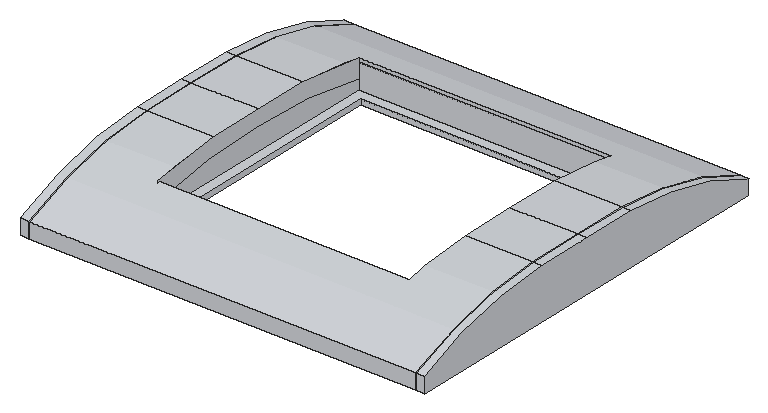
Revit family "Gira_1002395", category Electrical Fixtures, host Face, Revit 2017
Family settings
  Host = Face
  Maintain Annotation Orientation = No
  Round Connector Dimension = Use Diameter
  Part Type = Normal
  Cut with Voids When Loaded = No
  Shared = No
  Room Calculation Point = No
Parameters (values of type "Abdeckrahmen 2f o.M. Zwischenr. RW Gira Event Opak Mint")
  Werkstoffgüte = "Thermoplast"
  Werkstoff = "Kunststoff"
  URL = "http://katalog.gira.de/de_DE/datenblatt.html?artikelnr=1002395"
  Transparent = "No"
  Textfeld/Beschriftungsfläche = "No"
  Schutzart (IP) = "IP20"
  Region = "DE"
  Oberfläche = "sonstige"
  Name = "Abdeckrahmen 2f o.M. Zwischenr. RW Gira Event Opak Mint"
  Montagerichtung = "horizontal und vertikal"
  Mit Montagerahmen = "No"
  Mit Klappdeckel = "No"
  Manufacturer URL = "https://www.gira.de/"
  Keynote = "Event_Rahmen_2fach o.Mittelsteg"
  HeinzeBIM = "https://bimportal.heinze.de/bim/abdeckrahmen-2f-o-m-zwischenr-rw-gira-event-opak-mint/4918ad8bd0289ceab79f9a53f4356202b9222b1c"
  Halogenfrei = "Yes"
  HAN = "1002395"
  Geeignet für Unterputz-Installation = "Yes"
  Geeignet für Unterflurkanaldose = "No"
  Geeignet für Geräteeinbaukanal = "No"
  Geeignet für Einbauinstallation = "No"
  GTIN = "4010337074496"
  Farbe = "sonstige"
  Default Elevation = 1219.2 mm
  Data sheet (1) = "https://katalog.gira.de/de_DE/download.html?artikelnr=1002395"
  Category = "Abdeckrahmen"
  Befestigungsart = "Klemmbefestigung"
  Available = "Yes"
  Anzahl der Einheiten vertikal = "2 "
  Anzahl der Einheiten horizontal = "2 "
  Anzahl der Einheiten = "2 "
Reference planes
  plane 1 "Center (Front/Back)": y = 0
  plane 2: z = 0
  plane 3 "Center (Left/Right)": x = 0
Forms (mm)
  Extrusion 1, solid, detail levels fine
    sketch origin (0, 0, 1.55) x (0, 1, 0) y (0, 0, 1)
      loop
        arc (12.445, 9.683) -> (6.223, 9.833) -> (0, 9.85) r 291.636
        arc (0, 9.85) -> (-6.223, 9.833) -> (-12.445, 9.683) r 291.636
        arc (-12.445, 9.683) -> (-29.14, 7.482) -> (-45, 1.823) r 79.728
        line (-45, 1.823) -> (-45, -1.55) -> (-41.777, -1.55) -> (-41.777, -0.55)
        arc (-41.777, -0.55) -> (-21.205, 4.846) -> (0, 6.467) r 118.15
        arc (0, 6.467) -> (21.205, 4.846) -> (41.777, -0.55) r 118.15
        line (41.777, -0.55) -> (41.777, -1.55) -> (45, -1.55) -> (45, 1.823)
        arc (45, 1.823) -> (29.14, 7.482) -> (12.445, 9.683) r 79.728
    from -43 to 43
  Extrusion 2, void, detail levels fine
    sketch origin (0, 0, 0) x (1, 0, 0) y (0, 1, 0)
      loop
        line (-28, -28) -> (28, -28) -> (28, 28) -> (-28, 28) -> (-28, -28)
    from 2.85 to 12
  Extrusion 3, solid, detail levels coarse
    sketch origin (0, 0, 0) x (1, 0, 0) y (0, 1, 0)
      loop
        line (-45, 45) -> (-45, -45) -> (45, -45) -> (45, 45) -> (-45, 45)
    from 0 to 11.4
  Extrusion 4, solid, detail levels medium
    sketch origin (0, 0, 1.55) x (0, 1, 0) y (0, 0, 1)
      loop
        arc (12.445, 9.683) -> (6.223, 9.833) -> (0, 9.85) r 291.636
        arc (0, 9.85) -> (-6.223, 9.833) -> (-12.445, 9.683) r 291.636
        arc (-12.445, 9.683) -> (-29.14, 7.482) -> (-45, 1.823) r 79.728
        line (-45, 1.823) -> (-45, -1.55) -> (45, -1.55) -> (45, 1.823)
        arc (45, 1.823) -> (29.14, 7.482) -> (12.445, 9.683) r 79.728
    from -45 to 45
  Extrusion 5, solid, detail levels fine
    sketch origin (0, 0, 0) x (0, 1, 0) y (0, 0, 1)
      loop
        arc (45, 3.373) -> (29.14, 9.032) -> (12.445, 11.233) r 79.728
        arc (12.445, 11.233) -> (6.223, 11.383) -> (0, 11.4) r 291.636
        arc (0, 11.4) -> (-6.223, 11.383) -> (-12.445, 11.233) r 291.636
        arc (-12.445, 11.233) -> (-29.14, 9.032) -> (-45, 3.373) r 79.728
        line (-45, 3.373) -> (-45, 0) -> (45, 0) -> (45, 3.373)
    from 43 to 45
  Extrusion 6, solid, detail levels fine
    sketch origin (0, 0, 0) x (0, 1, 0) y (0, 0, -1)
      loop
        line (45, -3.373) -> (45, 0) -> (-45, 0) -> (-45, -3.373)
        arc (-45, -3.373) -> (-29.14, -9.032) -> (-12.445, -11.233) r 79.728
        arc (-12.445, -11.233) -> (-6.223, -11.383) -> (0, -11.4) r 291.636
        arc (0, -11.4) -> (6.223, -11.383) -> (12.445, -11.233) r 291.636
        arc (12.445, -11.233) -> (29.14, -9.032) -> (45, -3.373) r 79.728
    from 43 to 45
  Extrusion 7, solid, detail levels fine
    sketch origin (0, 0, 0) x (1, 0, 0) y (0, 1, 0)
      loop
        line (-25.7, 25.7) -> (-25.7, -25.7) -> (25.7, -25.7) -> (25.7, 25.7) -> (-25.7, 25.7)
      loop
        line (-29.495, 27.895) -> (-29.495, -27.895)
        spline (-29.495, -27.895) -> (-29.486, -28.025) -> (-29.461, -28.154) -> (-29.419, -28.278) -> (-29.361, -28.395) -> (-29.288, -28.504) -> (-29.202, -28.602) -> (-29.104, -28.688) -> (-28.995, -28.761) -> (-28.878, -28.819) -> (-28.754, -28.861) -> (-28.625, -28.886) -> (-28.495, -28.895)
        line (-28.495, -28.895) -> (28.495, -28.895)
        spline (28.495, -28.895) -> (28.625, -28.886) -> (28.754, -28.861) -> (28.878, -28.819) -> (28.995, -28.761) -> (29.104, -28.688) -> (29.202, -28.602) -> (29.288, -28.504) -> (29.361, -28.395) -> (29.419, -28.278) -> (29.461, -28.154) -> (29.486, -28.025) -> (29.495, -27.895)
        line (29.495, -27.895) -> (29.495, 27.895)
        spline (29.495, 27.895) -> (29.486, 28.025) -> (29.461, 28.154) -> (29.419, 28.278) -> (29.361, 28.395) -> (29.288, 28.504) -> (29.202, 28.602) -> (29.104, 28.688) -> (28.995, 28.761) -> (28.878, 28.819) -> (28.754, 28.861) -> (28.625, 28.886) -> (28.495, 28.895)
        line (28.495, 28.895) -> (-28.495, 28.895)
        spline (-28.495, 28.895) -> (-28.625, 28.886) -> (-28.754, 28.861) -> (-28.878, 28.819) -> (-28.995, 28.761) -> (-29.104, 28.688) -> (-29.202, 28.602) -> (-29.288, 28.504) -> (-29.361, 28.395) -> (-29.419, 28.278) -> (-29.461, 28.154) -> (-29.486, 28.025) -> (-29.495, 27.895)
    from 1.673 to 8.5
Cuts and joins
  Extrusion 2 cuts Extrusion 1
  Extrusion 2 cuts Extrusion 7
Dimensions and locks
  aligned and locked: plane 2 to host face
  aligned and locked: level to host face
